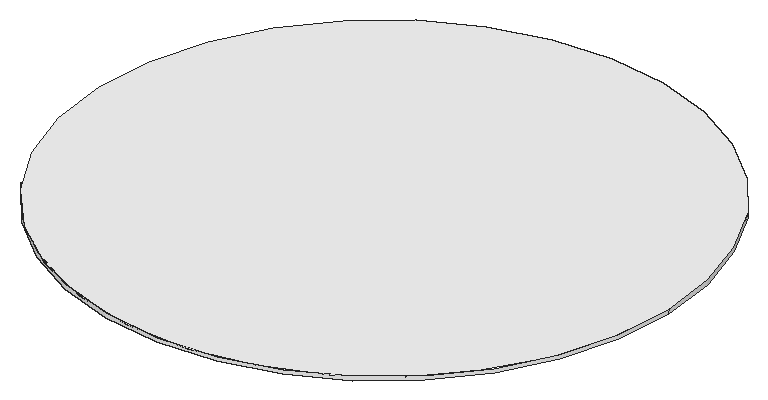
Revit family "2612-36-CC1", category Lighting Fixtures, Revit 2014
Parameters
  Wattage = 12.1178 W
  built-in parameter 1150110 = 1 (stored number, unit not read)
  built-in parameter 1114217 = 1 (stored number, unit not read)
  built-in parameter 1150109 = 1 (stored number, unit not read)
  built-in parameter 1150134 = (empty or 0)
  built-in parameter 1150113 = 1 (stored number, unit not read)
  Lumens = 1800 lm
  built-in parameter 1150115 = 1 (stored number, unit not read)
  built-in parameter 1150105 = 143.24 (stored number, unit not read)
  Light Source Symbol Size = 2' - 0"
  built-in parameter 1150137 = (empty or 0)
  built-in parameter 1150139 = (empty or 0)
  built-in parameter 1150112 = 1 (stored number, unit not read)
  built-in parameter 1150114 = 1 (stored number, unit not read)
  built-in parameter 1150132 = 2
  built-in parameter 1150102 = (empty or 0)
  built-in parameter 1150138 = (empty or 0)
  built-in parameter 1150107 = 3000 (stored number, unit not read)
  built-in parameter 1150106 = 1.4324 (stored number, unit not read)
  built-in parameter 1150104 = 13.8 (stored number, unit not read)
  Dimming Lamp Color Temperature Shift = (empty or 0)
  Color Filter = 16777215
  built-in parameter 1114218 = 1 (stored number, unit not read)
  built-in parameter 1150133 = 10 (stored number, unit not read)
Reference planes (in)
  plane 1 "Light Source Axis (F/B)": y = 0
  plane 2: z = 0
  plane 3 "Light Source Axis (L/R)": x = 0
  plane 4 "Light Source Elevation": z = -34.72529
  plane 5: z = -34.72529
Forms (in)
  Extrusion 1, solid, material "ACRYLIC, BROWNLEE"
    sketch origin (-16.5, -180, -34.72529) x (-1, 0, 0) y (0, -1, 0)
      loop
        circle (-16.5, -180) r 17.86244
    from 0 to 0.25
Dimensions and locks (in)
  aligned and locked: plane 3 "Light Source Axis (L/R)" to imposter light
  aligned and locked: plane 1 "Light Source Axis (F/B)" to imposter light
  aligned and locked: plane 4 "Light Source Elevation" to imposter light
  aligned and locked: level to plane 2
